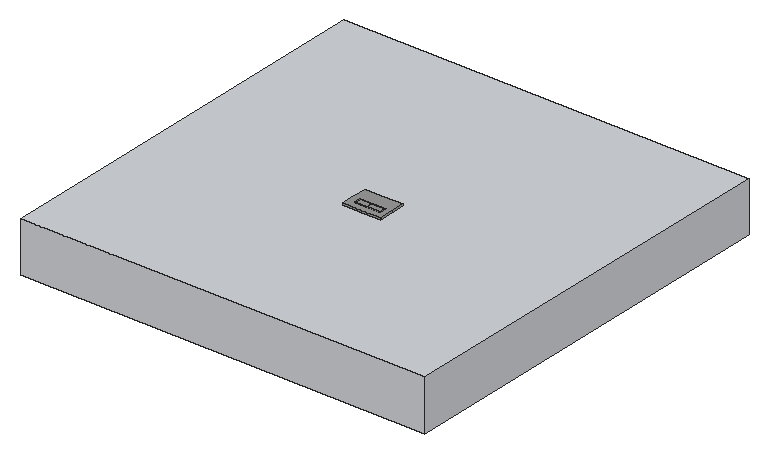
Revit family "IS_IdealSystem_W3708_BIM_NL", category Plumbing Fixtures, host Face, Revit 2014
Parameters (values of type "W3708AC - BEDIENINGSPANEEL RECHTHOEKIG 2F WIT")
  WaterEfficientProduct = no
  WarrantyStartDate [instance] = "1900-12-31T23:59:59"
  WarrantyGuarantorParts = Manufacturer  # "idealstandard.nl@idealstandard.com"
  WarrantyGuarantorLabor = "n/a"
  WarrantyDurationUnit = "jaar"
  WarrantyDurationParts = "5"
  WarrantyDurationLabor = "n/a"
  WarrantyDescription = "Fabrieksgarantie"
  WRAS = no
  WFU = 0
  VolumeUnits = "liter"
  Version = "1"
  Uniclass2015Version = "Products v1.1"
  Uniclass2015Title = "WC cistern fittings"
  Uniclass2015Code = "Pr_40_20_93_87"
  URL = "www.idealstandardnederland.nl"
  Type Comments = "n/a"
  ToiletType = "Other"
  ToiletPanType = "WashDown"
  TagNumber [instance] = "n/a"
  SustainabilityPerformance = "n/a"
  SpilloverLevel = 0 mm
  Space = "Internal"
  Size = "230 x 170 x 10mm"
  Shape = "Rechthoekig"
  SerialNumber [instance] = "n/a"
  Revision = "n/a"
  ReplacementCost = "n/a"
  ProductInformation = "http://www.idealstandardnederland.nl/product/w3708ac"
  Phone = "31 (0) 77 355 08 08"
  PanMounting = "n/a"
  PanMaterial = "n/a"
  PanColor = "n/a"
  NominalWidth = 230 mm
  NominalLength = 0 mm
  NominalHeight = 170 mm
  NominalDepth = 10.212 mm
  NettWeight = "0.44 kg"
  Name = "WcCisternFittings_W3708AC_IdealStandard"
  NBSTypeID = "n/a"
  NBSReference = "45-30-70/387"
  NBSOfficeMasterTag = "n/a"
  NBSNote = "n/a"
  NBSDescription = "WC cistern fittings"
  NBSCertification = "n/a"
  ModelReference = Description  # "Drukplaat rechthoekig met rechte hoeken."
  ModelNumber = Model  # "W3708AC"
  Model = "W3708AC"
  ManufacturerURL = "www.idealstandardnederland.nl"
  Manufacturer = "idealstandard.nl@idealstandard.com"
  LinearUnits = "millimeters"
  Keynote = "n/a"
  InstallationInstructions = "http://www.idealstandardnederland.nl/product/k813401"
  InstallationDate [instance] = "1900-12-31T23:59:59"
  IfcExportType = "CISTERN"
  IfcExportAs = "IfcSanitaryTerminalType"
  Help = "idealstandard.nl@idealstandard.com"
  HWFU = 0
  GrossWeight = "n/a"
  Grade = "n/a"
  Finish = "Wit"
  Features = "Drukplaat rechthoekig met rechte hoeken."
  ExpectedLife = "25"
  ECA = no
  DurationUnit = "jaar"
  DistributedBy = "n/a"
  Description = "Drukplaat rechthoekig met rechte hoeken."
  Default Elevation = 0 mm
  CurrencyUnit = "n/a"
  CreatedOn = "2016-12-14"
  Cost = 0
  Constituents = "n/a"
  ConnectionType = "Sanitair"
  CodePerformance = "n/a"
  Category = "n/a"
  CWFU = 0
  Brand = "Ideal Standard"
  BarCode = "3800828021785"
  BREEAMApproved = no
  BIMObjectName = "ISI_IdealStandard_WcCisternFittings_W3708AC"
  Author = "Ideal Standard Nederland BV"
  AssetType = "Vast"
  AssetIdentifier [instance] = "n/a"
  Assembly Code = "C1030200"
  AreaUnits = "millimeters"
  AreaMeasurement = "n/a"
  Accessories = "www.idealstandardnederland.nl"
  AccessibilityPerformance = "n/a"
Reference planes
  plane 1 "Center (Front/Back)": y = 0
  plane 2: z = 0
  plane 3 "Center (Left/Right)": x = 0
  plane 4: y = 0
  plane 5: z = 0
  plane 6: y = -170
  plane 7: x = 115
  plane 8: x = -115
  plane 9: z = 10.212
Forms (mm)
  Extrusion 1, solid
    sketch origin (0, 0, 0) x (1, 0, 0) y (0, 1, 0)
      loop
        line (-1219.2, 1219.2) -> (-1219.2, -1219.2) -> (1219.2, -1219.2) -> (1219.2, 1219.2) -> (-1219.2, 1219.2)
    from 0 to -304.8
  Blend 2, solid, material "Steel, Chrome Plated"
    base sketch origin (0, -155.789, -0.188) x (-1, 0, 0) y (0, -1, 0)
      loop
        arc (-115, -154.825) -> (-114.718, -155.507) -> (-114.036, -155.789) r 0.964
        line (-114.036, -155.789) -> (0, -155.789) -> (113.978, -155.789)
        arc (113.978, -155.789) -> (114.701, -155.49) -> (115, -154.768) r 1.022
        line (115, -154.768) -> (115, -70.789) -> (115, 13.219)
        arc (115, 13.219) -> (114.709, 13.92) -> (114.008, 14.211) r 0.992
        line (114.008, 14.211) -> (0, 14.211) -> (-114.026, 14.211)
        arc (-114.026, 14.211) -> (-114.715, 13.925) -> (-115, 13.237) r 0.974
        line (-115, 13.237) -> (-115, -70.789) -> (-115, -154.825)
    top sketch origin (0, -155.789, -0.188) x (-1, 0, 0) y (0, -1, 0)
      loop
        line (114, -70.789) -> (114, 12.17)
        arc (114, 12.17) -> (113.695, 12.906) -> (112.96, 13.211) r 1.04
        line (112.96, 13.211) -> (0, 13.211) -> (-113.014, 13.211)
        arc (-113.014, 13.211) -> (-113.711, 12.922) -> (-114, 12.225) r 0.986
        line (-114, 12.225) -> (-114, -70.789) -> (-114, -153.804)
        arc (-114, -153.804) -> (-113.711, -154.501) -> (-113.014, -154.789) r 0.986
        line (-113.014, -154.789) -> (0, -154.789) -> (112.96, -154.789)
        arc (112.96, -154.789) -> (113.695, -154.485) -> (114, -153.749) r 1.04
        line (114, -153.749) -> (114, -70.789)
    from 0.188 to 10.4
  Extrusion 3, void
    sketch origin (0, -1, 10) x (-1, 0, 0) y (0, 1, 0)
      loop
        line (76, -86) -> (-76, -86) -> (-76, -128) -> (76, -128) -> (76, -86)
      loop
        line (-75, -127) -> (5, -127) -> (5, -87) -> (-75, -87) -> (-75, -127)
      loop
        line (75, -127) -> (75, -87) -> (6, -87) -> (6, -127) -> (75, -127)
    from -2.163 to 10
Cuts and joins
  Extrusion 3 cuts Blend 2
Dimensions and locks
  "NominalWidth": plane 8 to plane 7
  "NominalHeight": plane 4 to plane 6
  "NominalDepth": plane 9 to Extrusion 1
  aligned and locked: plane 2 to Extrusion 1
  aligned and locked: level to Extrusion 1
Automatic sketch dimensions
  Extrusion 1 sketch curve to Extrusion 1 sketch curve = 2438.4 mm  (x2)
  Blend 2 sketch curve to plane 7 = 0 mm
  plane 1 "Center (Front/Back)" to Blend 2 sketch curve = 0 mm
  Blend 2 sketch curve to plane 6 = 0 mm
  Blend 2 sketch curve to plane 3 "Center (Left/Right)" = 0 mm  (x4)
  Blend 2 sketch curve to plane 8 = 0 mm
  plane 7 to Blend 2 sketch curve = 0.964 mm
  Blend 2 sketch curve to Blend 2 sketch curve = 0.974 mm
  plane 8 to Blend 2 sketch curve = 1.022 mm
  plane 8 to Blend 2 sketch curve = 0.992 mm
  Blend 2 sketch curve to Blend 2 sketch curve = 84.026 mm
  Blend 2 sketch curve to Blend 2 sketch curve = 83.978 mm
  plane 7 to Blend 2 sketch curve = 1.986 mm  (x2)
  plane 6 to Blend 2 sketch curve = 1 mm
  Blend 2 sketch curve to Blend 2 sketch curve = 0.986 mm
  plane 8 to Blend 2 sketch curve = 2.04 mm  (x2)
  plane 8 to Blend 2 sketch curve = 1 mm
  Blend 2 sketch curve to Blend 2 sketch curve = 83.014 mm
  Blend 2 sketch curve to Blend 2 sketch curve = 82.96 mm
  plane 1 "Center (Front/Back)" to Blend 2 sketch curve = 2.04 mm
  plane 7 to Extrusion 3 sketch curve = 39 mm
  Extrusion 3 sketch curve to Extrusion 3 sketch curve = 1 mm  (x5)
  Extrusion 3 sketch curve to plane 3 "Center (Left/Right)" = 5 mm
  plane 8 to Extrusion 3 sketch curve = 40 mm
  plane 6 to Extrusion 3 sketch curve = 83 mm
  Extrusion 3 sketch curve to Extrusion 3 sketch curve = 0 mm  (x2)
  Extrusion 3 sketch curve to Extrusion 3 sketch curve = 40 mm
